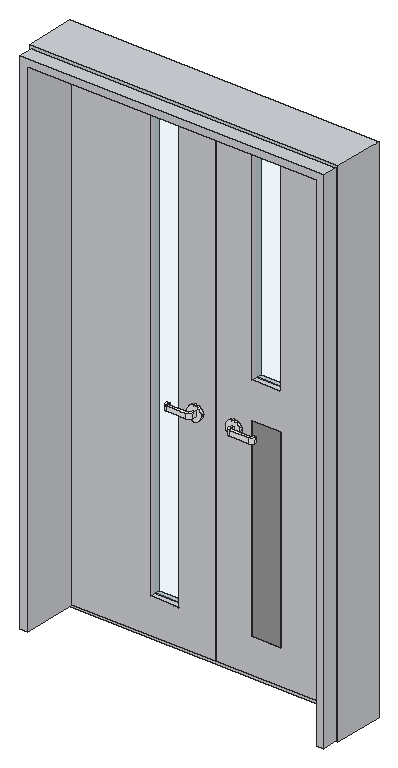
Revit family "Dor_両開き戸", category ドア, Revit 2020
Family settings
  ホスト = 壁
  常に垂直 = はい
  ロード時にボイドで切り取り = はい
  共有 = いいえ
  部屋計算ポイント = いいえ
Parameters (values of type "両開き戸")
  開口逃げ位置表示 [instance] = no
  金物_施錠方式(外) = ""
  金物_施錠方式(内) = ""
  金物_支持金物 = ""
  金物_操作金物 = ""
  金物_戸当り = ""
  金物_固定金物 = ""
  金物_フランス落し = ""
  金物_クローザー = ""
  逃げ_左 = 60 mm
  逃げ_右 = 60 mm
  解析用性能 = "<なし>"
  符号_建具記号 = ""
  符号_建具番号 = ""
  法_随時閉鎖 = yes
  法_防火性能 = ""
  法_遮煙 = yes
  法_常時閉鎖 = yes
  沓摺表示 [instance] = yes
  文字_ガラス厚 = ""
  建枠下延長 [instance] = 0 mm
  沓摺見込_Kc_Kd [instance] = 100 mm
  ラベル_遮煙 = if(法_遮煙, "S", " ")  # "S"
  ラベル_法囲み = if(法_常時閉鎖, "□", if(法_随時閉鎖, "〇", " "))  # "□"
  ドアパネルタイプ2 = DP_スリット窓 : スリット窓
  ドアパネルタイプ1 = DP_スリット窓+ガラリ : スリット窓+ガラリ
  スリット/小窓位置：戸先 [instance] = yes
  ガラス厚 = 6 mm
  オフセット_外側 [instance] = 50 mm
  calc_逃げ位置 [instance] = if(bWallThicknessOffset, calc_壁芯ずれ, 0 mm)  # 0 mm
  calc_沓摺幅 = 幅 + 戸当見付 * 2  # 1230 mm
  沓摺タイプ = Ka_沓摺 : Ka_沓摺
  次による断熱プロパティの定義 = スキーマティック タイプ
  枠見付内_F01 = 30 mm
  calc_枠見込内 [instance] = if(and(枠ちり内 = 0 mm, オフセット_内側 = 0 mm), 1 mm, 0 mm)  # 0 mm
  calc_枠見付内 = if(枠タイプ = 1, 枠見付内_F01, if(枠タイプ = 2, 枠見付 + 戸当見付, if(枠タイプ = 3, 枠見付 + 戸当見付, 枠見付)))  # 30 mm
  文字_額縁材質 = ""
  文字_額縁仕上 = ""
  文字_沓摺材質 = ""
  文字_沓摺仕上 = ""
  文字_枠材質 = ""
  文字_枠仕上 = ""
  文字_建具材質 = ""
  文字_建具仕上 = ""
  文字_取付場所 = ""
  文字_備考 = ""
  文字_パネル厚 = ""
  文字_ガラリ材質 = ""
  文字_ガラリ仕上 = ""
  文字_ガラス材質 = ""
  文字_アンダーカット = ""
  性能_遮音 = ""
  性能_気密 = ""
  形状_沓摺形状 = ""
  形状_枠形状 = ""
  形状_建具形式 = ""
  形状_ガラリ形状 = ""
  仕上げ厚 = 0 mm
  calc_壁芯ずれ [instance] = オフセット_内側 / 2 + オフセット_外側 / 2  # 50 mm
  calc_仕上げ厚 [instance] = if(and(オフセット_内側 = 0 mm, 仕上げ厚 = 0 mm), 11 mm, 仕上げ厚)  # 0 mm
  マテリアル_沓摺 = none
  マテリアル_枠 = none
  マテリアル_パネル = none
  マテリアル_ガラリ = none
  マテリアル_ガラス = ガラス - 透明
  パネル幅2 = パネル幅1 + LOCK  # 615 mm
  パネル幅1 = 幅 / 2 + 戸当見付  # 615 mm
  calc_パネル中心位置 = パネル厚 / 2 + LOCK  # 22.5 mm
  ハンドル表示 [instance] = yes
  Keynote = ""
  オフセット_内側 [instance] = 50 mm
  bWallThicknessOffset = no
  W寸法 = 1200 mm
  LOCK = 0 mm  # constant formula
  H寸法 = 2100 mm
  F02_片ひばた2 = 枠タイプ = 2  # no
  Function = (empty or 0)
  Description = ""
  枠タイプ = 1
  Rough Width = 0 mm
  高さ = H寸法 + LOCK  # 2100 mm
  枠見付 = 25 mm
  枠ちり外 = 10 mm
  枠ちり内 = 10 mm
  ハンドル_高さ = 900 mm
  ハンドル_オフセット = 80 mm
  戸当見込 = 20 mm
  戸当見付 = 15 mm
  Construction Type = ""
  Wall Closure = (empty or 0)
  幅 = W寸法 + LOCK  # 1200 mm
  Rough Height = 0 mm
  パネル高 = 高さ + 戸当見付 - アンダーカット  # 2110 mm
  パネル幅 = (幅 + 戸当見付 * 2) / 2  # 615 mm
  パネル厚 = 45 mm
  アンダーカット = 5 mm
  F01_片ひばた1 = 枠タイプ = 1  # yes
  F03_両ひばた = 枠タイプ = 3  # no
Reference planes
  plane 1: y = 0
  plane 2 "中心(左/右)": x = 0
  plane 3 "EXT.": y = 75
  plane 4 "内壁": y = -75
  plane 5 "左": x = -600
  plane 6 "右": x = 600
  plane 7 "上側": z = 2100
  plane 8: z = 0
  plane 9 "枠ちり外": y = 135
  plane 10 "左扉位置": x = -615
  plane 11 "枠外側左": x = -640
  plane 12 "枠内側左": x = -630
  plane 13 "仕上げ厚": y = -75
  plane 14 "右扉位置": x = 615
  plane 15 "枠外側右": x = 640
  plane 16 "枠内側右": x = 630
  plane 17: z = 2115
  plane 18 "枠見付_上": z = 2140
  plane 19 "枠見付内_上": z = 2130
  plane 20: y = 90
  plane 21: y = 70
  plane 22: x = -630
  plane 23: x = 630
  plane 24: z = 5
  plane 25 "オフセット": y = -125
  plane 26 "枠ちり内": y = -135
  plane 27 "パネル中心": y = 112.5
  plane 28: y = 65
  plane 29: y = -115
  plane 30: z = 2130
  plane 31: y = 65
  plane 32: y = -115
  plane 33 "枠見込み内": y = -75
  plane 34: y = -130
  plane 35: y = 112.5
  plane 36 "壁芯": y = -50
  plane 37: x = 307.5
  plane 38: x = -307.5
  plane 39: x = -80
  plane 40: x = 80
  plane 41: z = 900
  plane 42 "建枠下延長": z = 0
  plane 43: x = -645
  plane 44: x = 645
  plane 45 "オフセット外側": y = 125
  plane 46 "逃げ位置": y = 0
Forms (mm)
  Extrusion 1, void
    sketch origin (0, 0, 0) x (1, 0, 0) y (0, 1, 0)
      loop
        line (-630, -125) -> (630, -125) -> (630, -75) -> (-630, -75) -> (-630, -125)
    from 0 to 2130
  Extrusion 2, void
    sketch origin (0, 0, 0) x (1, 0, 0) y (0, 1, 0)
      loop
        line (-640, 75) -> (-640, -75) -> (640, -75) -> (640, 75) -> (-640, 75)
    from 0 to 2140
  Sweep 3, solid, material <- "マテリアル_枠", visible <- "F01_片ひばた1"
    path origin (0, 75, 0) x (1, 0, 0) y (0, 0, 1)
      loop
        line (600, 0) -> (600, 2100) -> (-600, 2100) -> (-600, 0)
    profile origin (600, 75, 1050) x (-1, 0, 0) y (0, -1, 0)
      loop
        line (-40, -60) -> (-15, -60) -> (-15, -15) -> (0, -15) -> (0, 210) -> (-30, 210) -> (-30, 150) -> (-40, 150) -> (-40, -60)
  Sweep 4, solid, material <- "マテリアル_枠", visible <- "F02_片ひばた2"
    path origin (0, 75, 0) x (1, 0, 0) y (0, 0, 1)
      loop
        line (600, 0) -> (600, 2100) -> (-600, 2100) -> (-600, 0)
    profile origin (600, 75, 1050) x (-1, 0, 0) y (0, -1, 0)
      loop
        line (-40, -60) -> (-15, -60) -> (-15, -15) -> (0, -15) -> (0, 210) -> (-40, 210) -> (-40, -60)
  Sweep 5, solid, material <- "マテリアル_枠", visible <- "F03_両ひばた"
    path origin (0, 75, 0) x (1, 0, 0) y (0, 0, 1)
      loop
        line (600, 0) -> (600, 2100) -> (-600, 2100) -> (-600, 0)
    profile origin (600, 75, 1050) x (-1, 0, 0) y (0, -1, 0)
      loop
        line (-40, -60) -> (-15, -60) -> (-15, -15) -> (0, -15) -> (0, 5) -> (-15, 5) -> (-15, 210) -> (-40, 210) -> (-40, -60)
Lines and regions (mm)
  Masking region 1
    outline origin (0, 0, 0) x (0, 1, 0) y (0, 0, 1)
      loop
        line (135, 2115) -> (90, 2115) -> (90, 5) -> (135, 5) -> (135, 2115)
  Masking region 2, visible <- "F02_片ひばた2"
    outline origin (0, 0, 0) x (0, 1, 0) y (0, 0, 1)
      loop
        line (65, 2130) -> (-115, 2130) -> (-135, 2130) -> (-135, 2100) -> (90, 2100) -> (90, 2115) -> (135, 2115) -> (135, 2130) -> (65, 2130)
  Masking region 3, visible <- "F01_片ひばた1"
    outline origin (0, 0, 0) x (0, 1, 0) y (0, 0, 1)
      loop
        line (65, 2140) -> (-75, 2140) -> (-75, 2130) -> (-115, 2130) -> (-135, 2130) -> (-135, 2100) -> (90, 2100) -> (90, 2115) -> (135, 2115) -> (135, 2140) -> (65, 2140)
  Masking region 4, visible <- "F03_両ひばた"
    outline origin (0, 0, 0) x (0, 1, 0) y (0, 0, 1)
      loop
        line (65, 2130) -> (-115, 2130) -> (-135, 2130) -> (-135, 2115) -> (70, 2115) -> (70, 2100) -> (90, 2100) -> (90, 2115) -> (135, 2115) -> (135, 2130) -> (65, 2130)
  Masking region 5, visible <- "F01_片ひばた1", detail levels medium+fine
    outline origin (0, 0, 0) x (1, 0, 0) y (0, 1, 0)
      loop
        line (-640, -75) -> (-630, -75) -> (-630, -135) -> (-600, -135) -> (-600, 90) -> (-615, 90) -> (-615, 135) -> (-640, 135) -> (-640, -75)
      loop
        line (640, -75) -> (640, 135) -> (615, 135) -> (615, 90) -> (600, 90) -> (600, -135) -> (630, -135) -> (630, -75) -> (640, -75)
  Masking region 6, visible <- "F02_片ひばた2", detail levels medium+fine
    outline origin (0, 0, 0) x (1, 0, 0) y (0, 1, 0)
      loop
        line (-640, -135) -> (-600, -135) -> (-600, 90) -> (-615, 90) -> (-615, 135) -> (-640, 135) -> (-640, -135)
      loop
        line (640, -135) -> (640, 135) -> (615, 135) -> (615, 90) -> (600, 90) -> (600, -135) -> (640, -135)
  Masking region 7, detail levels coarse
    outline origin (0, 0, 0) x (1, 0, 0) y (0, 1, 0)
      loop
        line (-600, -130) -> (600, -130) -> (600, -125) -> (600, 125) -> (600, 130) -> (-600, 130) -> (-600, 125) -> (-600, -125) -> (-600, -130)
  Masking region 8, detail levels coarse
    outline origin (0, 0, 0) x (1, 0, 0) y (0, 1, 0)
      loop
        line (-645, 125) -> (-645, -125) -> (-600, -125) -> (-600, 125) -> (-645, 125)
      loop
        line (645, 125) -> (600, 125) -> (600, -125) -> (645, -125) -> (645, 125)
  Masking region 9, visible <- "F03_両ひばた", detail levels medium+fine
    outline origin (0, 0, 0) x (1, 0, 0) y (0, 1, 0)
      loop
        line (-640, -135) -> (-615, -135) -> (-615, 70) -> (-600, 70) -> (-600, 90) -> (-615, 90) -> (-615, 135) -> (-640, 135) -> (-640, -135)
      loop
        line (640, -135) -> (640, 135) -> (615, 135) -> (615, 90) -> (600, 90) -> (600, 70) -> (615, 70) -> (615, -135) -> (640, -135)
  symbolic lines
    curve 1: line (0, 185, 0) -> (0, -185, 0)
Text (mm)
  text "EXT." at (-2295.016, 1099.543, 0), in view "基準レベル"
  text "外部" at (0, 1615.38, 3698.081), in view "左"
  text "外部" at (0, 1036.032, 3874.932), in view "右"
  text "内部" at (0, -1175.082, 3874.932), in view "右"
  text "内部" at (-2295.016, -1087.353, 0), in view "基準レベル"
Dimensions and locks
  equal spacing: plane 5 "左", plane 2 "中心(左/右)", plane 6 "右"
  locked: plane 3 "EXT." to host wall
  locked: plane 4 "内壁" to host wall
  "幅": plane 5 "左" to plane 6 "右"
  "高さ": plane 8 to plane 7 "上側"
  "戸当見付": plane 10 "左扉位置" to plane 5 "左"
  "calc_枠見付内": plane 12 "枠内側左" to plane 5 "左"
  "枠見付": plane 11 "枠外側左" to plane 10 "左扉位置"
  "calc_仕上げ厚": plane 13 "仕上げ厚" to plane 4 "内壁"
  "枠見付": plane 15 "枠外側右" to plane 14 "右扉位置"
  "戸当見付": plane 7 "上側" to plane 17
  "枠見付": plane 17 to plane 18 "枠見付_上"
  "calc_枠見付内": plane 7 "上側" to plane 19 "枠見付内_上"
  "パネル厚": plane 9 "枠ちり外" to plane 20
  "戸当見込": plane 20 to plane 21
  "戸当見付": plane 6 "右" to plane 14 "右扉位置"
  "calc_枠見付内": plane 6 "右" to plane 16 "枠内側右"
  "枠見付内_F01": plane 22 to plane 5 "左"
  "枠見付内_F01": plane 6 "右" to plane 23
  "枠ちり内": plane 25 "オフセット" to plane 26 "枠ちり内"
  "オフセット_内側": plane 25 "オフセット" to plane 4 "内壁"
  "アンダーカット": plane 24 to plane 8
  locked: plane 3 "EXT." to Masking region 2 sketch curve at 10
  locked: Masking region 2 sketch curve to plane 25 "オフセット" at 10
  equal spacing: plane 9 "枠ちり外", plane 27 "パネル中心", plane 20
  locked: plane 3 "EXT." to plane 28 at 10
  locked: plane 29 to plane 25 "オフセット" at 10
  "枠見付内_F01": plane 7 "上側" to plane 30
  locked: curve 1 to plane 9 "枠ちり外" at 50
  locked: plane 26 "枠ちり内" to curve 1 at 50
  plane 4 "内壁" to plane 3 "EXT." = 150 mm
  locked: plane 31 to plane 3 "EXT." at 10
  locked: plane 32 to plane 25 "オフセット" at 10
  locked: plane 25 "オフセット" to plane 34 at 5
  "calc_壁芯ずれ": plane 36 "壁芯" to plane 1
  equal spacing: plane 2 "中心(左/右)", plane 37, plane 14 "右扉位置"
  equal spacing: plane 10 "左扉位置", plane 38, plane 2 "中心(左/右)"
  "ハンドル_高さ": plane 41 to plane 8
  "ハンドル_オフセット": plane 40 to plane 2 "中心(左/右)"
  "ハンドル_オフセット": plane 2 "中心(左/右)" to plane 39
  "建枠下延長": plane 42 "建枠下延長" to plane 8
  "calc_枠見込内": plane 4 "内壁" to plane 33 "枠見込み内"
  locked: plane 15 "枠外側右" to plane 44 at 5
  locked: plane 43 to plane 11 "枠外側左" at 5
  "枠ちり外": plane 9 "枠ちり外" to plane 45 "オフセット外側"
  "オフセット_外側": plane 3 "EXT." to plane 45 "オフセット外側"
  "calc_パネル中心位置": plane 9 "枠ちり外" to plane 35
  locked: Masking region 7 sketch curve to plane 45 "オフセット外側" at 5
  "calc_逃げ位置": plane 46 "逃げ位置" to host wall
  aligned and locked: plane 1 to host wall
  aligned and locked: level to plane 8
  aligned and locked: Extrusion 1 sketch curve to plane 12 "枠内側左"
  aligned and locked: plane 13 "仕上げ厚" to Extrusion 1 sketch curve
  aligned and locked: Extrusion 1 sketch curve to plane 16 "枠内側右"
  aligned and locked: Extrusion 2 sketch curve to host wall
  aligned and locked: plane 11 "枠外側左" to Extrusion 2 sketch curve
  aligned and locked: plane 13 "仕上げ厚" to Extrusion 2 sketch curve
  aligned and locked: plane 15 "枠外側右" to Extrusion 2 sketch curve
  aligned and locked: plane 18 "枠見付_上" to Extrusion 2
  aligned and locked: plane 7 "上側" to Sweep 3 sketch curve
  aligned and locked: plane 6 "右" to Sweep 3 sketch curve  (x2)
  aligned and locked: Sweep 3 sketch curve to plane 5 "左"
  aligned and locked: Sweep 3 sketch curve to plane 13 "仕上げ厚"
  aligned and locked: plane 9 "枠ちり外" to Sweep 3 sketch curve
  aligned and locked: plane 20 to Sweep 3 sketch curve
  aligned and locked: plane 14 "右扉位置" to Sweep 3 sketch curve
  aligned and locked: Sweep 3 sketch curve to plane 15 "枠外側右"
  aligned and locked: plane 15 "枠外側右" to Sweep 4 sketch curve
  aligned and locked: plane 14 "右扉位置" to Sweep 5 sketch curve  (x2)
  aligned and locked: Sweep 5 sketch curve to plane 21
  aligned and locked: plane 23 to Sweep 3 sketch curve
  aligned and locked: Sweep 3 sketch curve to plane 26 "枠ちり内"
  aligned and locked: Sweep 4 sketch curve to plane 26 "枠ちり内"
  aligned and locked: plane 20 to Sweep 4 sketch curve
  aligned and locked: Sweep 5 sketch curve to plane 26 "枠ちり内"
  aligned and locked: Extrusion 1 to plane 25 "オフセット"
  aligned and locked: plane 19 "枠見付内_上" to Extrusion 1
  aligned and locked: Sweep 4 to Masking region 1 sketch curve
  aligned and locked: plane 9 "枠ちり外" to Masking region 2 sketch curve
  aligned and locked: plane 19 "枠見付内_上" to Masking region 2 sketch curve  (x3)
  aligned and locked: Masking region 2 sketch curve to plane 26 "枠ちり内"
  aligned and locked: plane 7 "上側" to Masking region 2 sketch curve
  aligned and locked: plane 20 to Masking region 2 sketch curve
  aligned and locked: Masking region 2 sketch curve to plane 17
  aligned and locked: plane 2 "中心(左/右)" to nested 1
  aligned and locked: nested 1 to plane 27 "パネル中心"
  aligned and locked: plane 20 to Masking region 3 sketch curve
  aligned and locked: Masking region 3 sketch curve to plane 26 "枠ちり内"
  aligned and locked: plane 7 "上側" to Masking region 3 sketch curve
  aligned and locked: Masking region 3 sketch curve to plane 17
  aligned and locked: plane 18 "枠見付_上" to Masking region 3 sketch curve  (x2)
  aligned and locked: Masking region 3 sketch curve to plane 30  (x2)
  aligned and locked: plane 30 to Masking region 3 sketch curve
  aligned and locked: plane 19 "枠見付内_上" to Masking region 4 sketch curve  (x3)
  aligned and locked: Masking region 4 sketch curve to plane 26 "枠ちり内"
  aligned and locked: plane 9 "枠ちり外" to Masking region 4 sketch curve
  aligned and locked: Masking region 4 sketch curve to plane 17  (x2)
  aligned and locked: plane 7 "上側" to Masking region 4 sketch curve
  aligned and locked: plane 20 to Masking region 4 sketch curve
  aligned and locked: Masking region 4 sketch curve to plane 21
  aligned and locked: Masking region 5 sketch curve to plane 9 "枠ちり外"
  aligned and locked: Masking region 5 sketch curve to plane 20
  aligned and locked: plane 26 "枠ちり内" to Masking region 5 sketch curve
  aligned and locked: plane 11 "枠外側左" to Masking region 5 sketch curve
  aligned and locked: plane 5 "左" to Masking region 5 sketch curve
  aligned and locked: plane 6 "右" to Masking region 5 sketch curve
  aligned and locked: Masking region 5 sketch curve to plane 15 "枠外側右"
  aligned and locked: plane 14 "右扉位置" to Masking region 5 sketch curve
  aligned and locked: Masking region 5 sketch curve to plane 13 "仕上げ厚"
  aligned and locked: Masking region 5 sketch curve to plane 22
  aligned and locked: plane 22 to Masking region 5 sketch curve
  aligned and locked: plane 23 to Masking region 5 sketch curve  (x2)
  aligned and locked: plane 5 "左" to Masking region 7 sketch curve
  aligned and locked: Masking region 7 sketch curve to plane 6 "右"
  aligned and locked: Masking region 7 to Masking region 8 sketch curve
  aligned and locked: plane 6 "右" to Masking region 8 sketch curve
  aligned and locked: plane 25 "オフセット" to Masking region 8 sketch curve
  aligned and locked: Masking region 8 sketch curve to plane 25 "オフセット"
  aligned and locked: plane 25 "オフセット" to Masking region 7 sketch curve  (x2)
  aligned and locked: Masking region 7 sketch curve to plane 34
  aligned and locked: plane 14 "右扉位置" to Masking region 9 sketch curve
  aligned and locked: plane 21 to Masking region 9 sketch curve  (x2)
  aligned and locked: Masking region 9 sketch curve to plane 21  (x2)
  aligned and locked: nested 2 to plane 9 "枠ちり外"
  aligned and locked: nested 2 to plane 14 "右扉位置"
  aligned and locked: plane 20 to Sweep 5 sketch curve
  aligned and locked: plane 9 "枠ちり外" to Sweep 5 sketch curve
  aligned and locked: plane 9 "枠ちり外" to Sweep 4 sketch curve
  aligned and locked: plane 38 to nested 4
  aligned and locked: nested 5 to plane 27 "パネル中心"
  aligned and locked: nested 4 to plane 27 "パネル中心"
  aligned and locked: nested 5 to plane 8
  aligned and locked: plane 8 to nested 4
  aligned and locked: nested 7 to plane 39
  aligned and locked: nested 6 to plane 27 "パネル中心"
  aligned and locked: plane 27 "パネル中心" to nested 7
  aligned and locked: nested 7 to plane 41
  aligned and locked: plane 41 to nested 6
  aligned and locked: plane 37 to nested 8
  aligned and locked: nested 8 to plane 8
  aligned and locked: plane 38 to nested 9
  aligned and locked: plane 8 to nested 9
  aligned and locked: plane 37 to nested 5
  aligned and locked: plane 42 "建枠下延長" to Sweep 5 sketch curve  (x2)
  aligned and locked: plane 42 "建枠下延長" to Sweep 4 sketch curve  (x2)
  aligned and locked: plane 42 "建枠下延長" to Sweep 3 sketch curve  (x2)
  aligned and locked: plane 13 "仕上げ厚" to Masking region 5 sketch curve  (x3)
  aligned and locked: plane 26 "枠ちり内" to Masking region 9 sketch curve  (x2)
  aligned and locked: Masking region 8 sketch curve to plane 43
  aligned and locked: Masking region 8 sketch curve to plane 44
  aligned and locked: plane 26 "枠ちり内" to Masking region 6 sketch curve  (x2)
  aligned and locked: plane 11 "枠外側左" to Masking region 6 sketch curve
  aligned and locked: plane 15 "枠外側右" to Masking region 6 sketch curve
  aligned and locked: plane 45 "オフセット外側" to Masking region 7 sketch curve  (x2)
  aligned and locked: plane 45 "オフセット外側" to Masking region 8 sketch curve
  aligned and locked: Masking region 8 sketch curve to plane 45 "オフセット外側"
  aligned and locked: nested 3 to plane 46 "逃げ位置"
Automatic sketch dimensions
  plane 5 "左" to Sweep 4 sketch curve = 0 mm
  plane 6 "右" to Sweep 4 sketch curve = 0 mm
  Sweep 4 sketch curve to plane 7 "上側" = 0 mm
  Sweep 4 sketch curve to profile plane = 0 mm
  profile plane to Sweep 4 sketch curve = 15 mm
  plane 5 "左" to Sweep 5 sketch curve = 0 mm
  plane 6 "右" to Sweep 5 sketch curve = 0 mm
  Sweep 5 sketch curve to plane 7 "上側" = 0 mm
  Sweep 5 sketch curve to profile plane = 0 mm
  profile plane to Sweep 5 sketch curve = 15 mm
  Sweep 5 sketch curve to Sweep 5 sketch curve = 25 mm
  Masking region 3 sketch curve to plane 29 = 0 mm
  Masking region 3 sketch curve to plane 13 "仕上げ厚" = 0 mm
  Masking region 3 sketch curve to plane 28 = 0 mm
  Masking region 3 sketch curve to plane 9 "枠ちり外" = 0 mm
  Masking region 4 sketch curve to plane 29 = 0 mm
  Masking region 4 sketch curve to plane 28 = 0 mm
  Masking region 5 sketch curve to plane 26 "枠ちり内" = 0 mm
  Masking region 5 sketch curve to plane 20 = 0 mm
  Masking region 5 sketch curve to plane 9 "枠ちり外" = 0 mm
  Masking region 6 sketch curve to plane 10 "左扉位置" = 0 mm
  Masking region 6 sketch curve to plane 5 "左" = 0 mm
  Masking region 6 sketch curve to plane 6 "右" = 0 mm
  Masking region 6 sketch curve to plane 14 "右扉位置" = 0 mm
  Masking region 6 sketch curve to plane 9 "枠ちり外" = 0 mm  (x2)
  Masking region 6 sketch curve to plane 20 = 0 mm  (x2)
  Masking region 9 sketch curve to plane 9 "枠ちり外" = 0 mm  (x2)
  Masking region 9 sketch curve to plane 10 "左扉位置" = 0 mm  (x2)
  Masking region 9 sketch curve to plane 5 "左" = 0 mm
  Masking region 9 sketch curve to plane 6 "右" = 0 mm
  Masking region 9 sketch curve to plane 14 "右扉位置" = 0 mm
  Masking region 9 sketch curve to plane 20 = 0 mm  (x2)
  curve 1 to plane 2 "中心(左/右)" = 0 mm
  host wall to Extrusion 1 sketch curve = 50 mm
  Masking region 1 sketch curve to plane 17 = 0 mm
  Masking region 1 sketch curve to plane 20 = 0 mm
  Masking region 1 sketch curve to plane 24 = 0 mm
  Masking region 5 sketch curve to plane 10 "左扉位置" = 0 mm
  Masking region 9 sketch curve to plane 11 "枠外側左" = 0 mm
  Masking region 9 sketch curve to plane 15 "枠外側右" = 0 mm
Nested families
  nested 1: "Ka_沓摺" at (0, 112.5, 0), 沓摺材質 <- "マテリアル_沓摺", アンダーカット <- "アンダーカット", パネル厚 <- "パネル厚", パネル幅 <- "calc_沓摺幅", type <- "沓摺タイプ", visible <- "沓摺表示", 沓摺見込 <- "沓摺見込_Kc_Kd", type "Ka_沓摺"
    with 沓摺見込 100 mm, 沓摺材質 none, パネル幅 1230 mm, パネル厚 45 mm, アンダーカット 5 mm
  nested 2: "平面_両開き戸" at (0, 135, 0), type "平面_両開き戸"
    with 開口幅 1200 mm, パネル幅2_簡易 600 mm, パネル幅2 615 mm, パネル幅1_簡易 600 mm, パネル幅1 615 mm, パネル厚 45 mm
  nested 3: "平面_逃げ位置" at (0, 0, 0), visible <- "開口逃げ位置表示", 幅 <- "幅", 逃げ_右 <- "逃げ_右", 逃げ_左 <- "逃げ_左", type "平面_逃げ位置"
    with 逃げ_左 60 mm, 逃げ_右 60 mm, 幅 1200 mm
  nested 4: "DP_スリット窓" at (-307.5, 112.5, 0), マテリアル_パネル <- "マテリアル_パネル", 幅 <- "パネル幅1", 高さ <- "パネル高", Thickness <- "パネル厚", アンダーカット <- "アンダーカット", マテリアル_ガラス <- "マテリアル_ガラス", マテリアル_ガラリ <- "マテリアル_ガラリ", スリット/小窓位置：戸先 <- "スリット/小窓位置：戸先", type <- "ドアパネルタイプ2", ガラス厚 <- "ガラス厚", type "スリット窓"
    with 高さ 2110 mm, 幅 615 mm, built-in parameter 1001302 45 mm, マテリアル_パネル none, マテリアル_ガラリ none, マテリアル_ガラス ガラス - 透明, スリット/小窓位置：戸先 yes, スリット/小窓位置：中央 no, ガラス厚 6 mm, アンダーカット 5 mm, calc_窓位置_戸尻 345 mm, calc_窓位置_戸先 150 mm, calc_窓H 1845 mm
  nested 5: "DP_スリット窓+ガラリ" at (307.5, 112.5, 0) x (-1, 0, 0) z (0, 0, 1), マテリアル_パネル <- "マテリアル_パネル", 幅 <- "パネル幅1", 高さ <- "パネル高", Thickness <- "パネル厚", type <- "ドアパネルタイプ1", マテリアル_ガラス <- "マテリアル_ガラス", アンダーカット <- "アンダーカット", マテリアル_ガラリ <- "マテリアル_ガラリ", スリット/小窓位置：戸先 <- "スリット/小窓位置：戸先", ガラス厚 <- "ガラス厚", type "スリット窓+ガラリ"
    with 高さ 2110 mm, 幅 615 mm, built-in parameter 1001302 45 mm, マテリアル_パネル none, マテリアル_ガラリ none, マテリアル_ガラス ガラス - 透明, スリット/小窓位置：戸先 yes, スリット/小窓位置：中央 no, ガラス厚 6 mm, アンダーカット 5 mm, calc_窓位置_戸尻 345 mm, calc_窓位置_戸先 150 mm, calc_窓H 895 mm
  nested 6: "Ha_ハンドル" at (80, 112.5, 900), visible <- "ハンドル表示", type "Ha_ハンドル"
    with パネル厚 45 mm
  nested 7: "Ha_ハンドル" at (-80, 112.5, 900) x (-1, 0, 0) z (0, 0, 1), visible <- "ハンドル表示", type "Ha_ハンドル"
    with パネル厚 45 mm
  nested 8: "立面_スイング_開き戸" at (307.5, -75, 0) x (1, 0, 0) z (0, -1, 0), パネル幅 <- "パネル幅1", パネル高 <- "パネル高", アンダーカット <- "アンダーカット", type "立面_スイング_開き戸"
    with パネル高 2110 mm, パネル幅 615 mm, アンダーカット 5 mm
  nested 9: "立面_スイング_開き戸" at (-307.5, -75, 0) x (-1, 0, 0) z (0, -1, 0), パネル幅 <- "パネル幅1", パネル高 <- "パネル高", アンダーカット <- "アンダーカット", type "立面_スイング_開き戸"
    with パネル高 2110 mm, パネル幅 615 mm, アンダーカット 5 mm
Definition of nested family "Ka_沓摺"
  Parameters (values of type "Ka_沓摺")
    沓摺材質 [instance] = none
    Default Elevation = 0 mm
    沓摺見込 [instance] = 150 mm
    パネル幅 [instance] = 830 mm
    パネル厚 [instance] = 45 mm
    アンダーカット [instance] = 5 mm
    FB厚 = 6 mm
  Reference planes
    plane 1 "中心(正面/背面)": y = 0
    plane 2: z = 0
    plane 3 "中心(左/右)": x = 0
    plane 4 "パネル内側": y = -22.5
    plane 5: x = -415
    plane 6: x = 415
    plane 7: z = 5
    plane 8: z = 3
    plane 9 "パネル外側": y = 22.5
    plane 10: z = -20
    plane 11: y = 3
    plane 12: y = -3
  Forms (mm)
    Extrusion 1, solid, material <- "沓摺材質"
      sketch origin (0, 0, 0) x (0, 1, 0) y (0, 0, 1)
        loop
          line (3, -20) -> (3, 3) -> (-3, 3) -> (-3, -20) -> (3, -20)
      from -415 to 415
  Lines and regions (mm)
    Masking region 1
      outline origin (0, 0, 0) x (0, 1, 0) y (0, 0, 1)
        loop
          line (3, -20) -> (3, 3) -> (-3, 3) -> (-3, -20) -> (3, -20)
  Dimensions and locks
    "パネル幅": plane 5 to plane 6
    equal spacing: plane 5, plane 3 "中心(左/右)", plane 6
    "アンダーカット": plane 7 to plane 2
    locked: plane 7 to plane 8 at 2
    equal spacing: plane 9 "パネル外側", plane 1 "中心(正面/背面)", plane 4 "パネル内側"
    "パネル厚": plane 9 "パネル外側" to plane 4 "パネル内側"
    locked: plane 7 to plane 10 at 25
    plane 11 to plane 12 = 6 mm
    equal spacing: plane 11, plane 1 "中心(正面/背面)", plane 12
    "FB厚": plane 12 to plane 11
    aligned and locked: level to plane 2
    aligned and locked: plane 10 to Extrusion 1 sketch curve
    aligned and locked: Extrusion 1 sketch curve to plane 8
    aligned and locked: plane 6 to Extrusion 1
    aligned and locked: Extrusion 1 to plane 5
    aligned and locked: plane 11 to Masking region 1 sketch curve
    aligned and locked: Masking region 1 sketch curve to plane 12
    aligned and locked: Extrusion 1 sketch curve to plane 11
    aligned and locked: plane 12 to Extrusion 1 sketch curve
  Automatic sketch dimensions
    Masking region 1 sketch curve to plane 8 = 0 mm
    Masking region 1 sketch curve to plane 10 = 0 mm
Definition of nested family "DP_スリット窓"
  Parameters (values of type "スリット窓")
    Height [instance] = 1995 mm
    Analytic Construction = "<なし>"
    窓位置_下 = 150 mm
    窓位置_上 = 120 mm
    Define Thermal Properties by = 1
    マテリアル_パネル [instance] = none
    マテリアル_ガラリ [instance] = none
    マテリアル_ガラス [instance] = none
    スリット/小窓位置：戸先 [instance] = yes
    スリット/小窓位置：中央 [instance] = not([スリット/小窓位置：戸先])  # no
    アンダーカット [instance] = 5 mm
    calc_窓位置_戸先 [instance] = if([スリット/小窓位置：戸先], 窓位置_戸先寄り, (Width - 窓W) / 2)  # 150 mm
    Width [instance] = 800 mm
    窓位置_戸先寄り = 150 mm
    calc_窓位置_戸尻 [instance] = if([スリット/小窓位置：戸先], Width - 窓W - 窓位置_戸先寄り, calc_窓位置_戸先)  # 530 mm
    Thickness [instance] = 40 mm
    calc_窓H [instance] = (Height + アンダーカット) - 窓位置_下 - 窓位置_上  # 1730 mm
    窓W = 120 mm
    ガラス厚 [instance] = 6 mm
  Reference planes
    plane 1 "中心(正面/背面)": y = 0
    plane 2 "下": z = 0
    plane 3 "中心(左/右)": x = 0
    plane 4 "右": x = 400
    plane 5 "左": x = -400
    plane 6 "前面": y = 20
    plane 7 "背面": y = -20
    plane 8 "上": z = 2000
    plane 9 "戸先": x = 250
    plane 10 "框下": z = 150
    plane 11 "框上": z = 1880
    plane 12 "ガラス幅": x = 130
    plane 13 "窓中央": x = 190
    plane 14: z = 5
  Forms (mm)
    Extrusion 1, solid, material <- "マテリアル_パネル"
      sketch origin (0, 0, 0) x (1, 0, 0) y (0, 0, 1)
        loop
          line (-400, 2000) -> (-400, 5) -> (400, 5) -> (400, 2000) -> (-400, 2000)
        loop
          line (130, 1880) -> (130, 150) -> (250, 150) -> (250, 1880) -> (130, 1880)
      from -20 to 20
  Dimensions and locks
    equal spacing: plane 5 "左", plane 3 "中心(左/右)", plane 4 "右"
    "Width": plane 5 "左" to plane 4 "右"
    equal spacing: plane 6 "前面", plane 1 "中心(正面/背面)", plane 7 "背面"
    "Thickness": plane 6 "前面" to plane 7 "背面"
    "calc_窓位置_戸先": plane 4 "右" to plane 9 "戸先"
    "窓位置_上": plane 8 "上" to plane 11 "框上"
    "窓位置_下": plane 10 "框下" to level
    "窓W": plane 9 "戸先" to plane 12 "ガラス幅"
    equal spacing: plane 12 "ガラス幅", plane 13 "窓中央", plane 9 "戸先"
    "アンダーカット": plane 14 to plane 2 "下"
    "Height": plane 8 "上" to plane 14
    aligned and locked: level to plane 2 "下"
    aligned and locked: Extrusion 1 sketch curve to plane 8 "上"
    aligned and locked: plane 5 "左" to Extrusion 1 sketch curve
    aligned and locked: Extrusion 1 sketch curve to plane 4 "右"
    aligned and locked: plane 6 "前面" to Extrusion 1
    aligned and locked: Extrusion 1 to plane 7 "背面"
    aligned and locked: plane 11 "框上" to Extrusion 1 sketch curve
    aligned and locked: plane 12 "ガラス幅" to Extrusion 1 sketch curve
    aligned and locked: Extrusion 1 sketch curve to plane 10 "框下"
    aligned and locked: Extrusion 1 sketch curve to plane 9 "戸先"
    aligned and locked: nested 1 to plane 1 "中心(正面/背面)"
    aligned and locked: plane 13 "窓中央" to nested 1
    aligned and locked: plane 14 to Extrusion 1 sketch curve
  Nested families
    nested 1: "DPw_ガラス" at (190, 15, 150), Width <- "窓W", Height <- "calc_窓H", built-in parameter 1001364 <- "窓位置_下", Thickness <- "ガラス厚", マテリアル_ガラス <- "マテリアル_ガラス", type "ガラス"
      with Height 1730 mm, Width 120 mm, Thickness 6 mm, マテリアル_ガラス none
  Definition of nested family "DPw_ガラス"
    Parameters (values of type "DPw_ガラス")
      Define Thermal Properties by = 1
      Visual Light Transmittance = 0.9
      Solar Heat Gain Coefficient = 0.78
      Height [instance] = 1000 mm
      Heat Transfer Coefficient (U) = 3.6886 W/(m²·K)
      Width [instance] = 800 mm
      Analytic Construction = "1/8 インチ ピルキントン一重ガラス"
      Thickness [instance] = 6 mm
      マテリアル_ガラス [instance] = none
    Reference planes
      plane 1 "中心(正面/背面)": y = -15
      plane 2 "下": z = 0
      plane 3 "中心(左/右)": x = 0
      plane 4 "左": x = -400
      plane 5 "右": x = 400
      plane 6 "上": z = 1000
      plane 7: y = -12
      plane 8: y = -18
      plane 9: z = 500
    Forms (mm)
      Extrusion 1, solid, material <- "マテリアル_ガラス"
        sketch origin (0, -15, 0) x (1, 0, 0) y (0, 0, 1)
          loop
            line (-400, 0) -> (400, 0) -> (400, 1000) -> (-400, 1000) -> (-400, 0)
        from -3 to 3
    Lines and regions (mm)
      symbolic lines, detail levels medium+fine
        curve 1: line (400, -15, 0) -> (-400, -15, 0)
      symbolic lines, detail levels fine
        curve 2: line (0, -15, 1000) -> (0, -15, 0)
    Dimensions and locks
      equal spacing: plane 4 "左", plane 3 "中心(左/右)", plane 5 "右"
      "Width": plane 4 "左" to plane 5 "右"
      "Height": plane 6 "上" to plane 2 "下"
      equal spacing: plane 6 "上", plane 9, plane 2 "下"
      "Thickness": plane 8 to plane 7
      equal spacing: plane 8, plane 1 "中心(正面/背面)", plane 7
      plane 2 "下" to level = 0 mm
      aligned and locked: plane 5 "右" to Extrusion 1
      aligned and locked: Extrusion 1 to plane 4 "左"
      aligned and locked: Extrusion 1 to plane 7
      aligned and locked: plane 8 to Extrusion 1
      aligned and locked: curve 1 to plane 1 "中心(正面/背面)"
      aligned and locked: plane 4 "左" to curve 1
      aligned and locked: Extrusion 1 to curve 1
      aligned and locked: plane 6 "上" to Extrusion 1
      aligned and locked: plane 2 "下" to curve 2
      aligned and locked: plane 6 "上" to curve 2
      aligned and locked: Extrusion 1 to plane 2 "下"
    Automatic sketch dimensions
      Extrusion 1 sketch curve to plane 4 "左" = 0 mm
      Extrusion 1 sketch curve to plane 5 "右" = 0 mm
      level to Extrusion 1 sketch curve = 0 mm
      Extrusion 1 sketch curve to plane 6 "上" = 0 mm
      curve 2 to plane 1 "中心(正面/背面)" = 0 mm
Definition of nested family "DP_スリット窓+ガラリ"
  Parameters (values of type "スリット窓+ガラリ")
    Height [instance] = 1995 mm
    Analytic Construction = "<なし>"
    Define Thermal Properties by = 1
    マテリアル_パネル [instance] = none
    マテリアル_ガラリ [instance] = none
    マテリアル_ガラス [instance] = none
    スリット/小窓位置：戸先 [instance] = yes
    スリット/小窓位置：中央 [instance] = not([スリット/小窓位置：戸先])  # no
    アンダーカット [instance] = 5 mm
    calc_窓H [instance] = (Height + アンダーカット) - 窓腰高 - 窓位置_上  # 780 mm
    ガラリH = 800 mm
    ガラリ位置_下 = 150 mm
    窓位置_上 = 120 mm
    calc_窓位置_戸先 [instance] = if([スリット/小窓位置：戸先], 窓位置_戸先寄り, if([スリット/小窓位置：中央], (Width - 窓W) / 2, Width - 窓W - 窓位置_戸先寄り))  # 150 mm
    Width [instance] = 800 mm
    窓位置_戸先寄り = 150 mm
    calc_窓位置_戸尻 [instance] = if([スリット/小窓位置：戸先], Width - 窓W - 窓位置_戸先寄り, if([スリット/小窓位置：中央], calc_窓位置_戸先, 窓位置_戸先寄り))  # 530 mm
    Thickness [instance] = 40 mm
    窓腰高 = 1100 mm
    窓W = 120 mm
    ガラス厚 [instance] = 6 mm
  Reference planes
    plane 1 "中心(正面/背面)": y = 0
    plane 2 "下": z = 0
    plane 3 "中心(左/右)": x = 0
    plane 4 "右": x = 400
    plane 5 "左": x = -400
    plane 6 "前面": y = 20
    plane 7 "背面": y = -20
    plane 8 "上": z = 2000
    plane 9 "戸先": x = 250
    plane 10 "框下": z = 150
    plane 11 "框上": z = 1880
    plane 12 "ガラス幅": x = 130
    plane 13 "ガラス腰": z = 1100
    plane 14 "ガラリ上": z = 950
    plane 15: x = 190
    plane 16: z = 5
  Forms (mm)
    Extrusion 1, solid, material <- "マテリアル_パネル"
      sketch origin (0, 0, 0) x (1, 0, 0) y (0, 0, 1)
        loop
          line (-400, 2000) -> (-400, 5) -> (400, 5) -> (400, 2000) -> (-400, 2000)
      from -20 to 20
    Extrusion 2, solid, material <- "マテリアル_ガラリ"
      sketch origin (0, 0, -820) x (1, 0, 0) y (0, 0, 1)
        loop
          line (130, 1770) -> (130, 970) -> (250, 970) -> (250, 1770) -> (130, 1770)
      from -20 to 20
    Extrusion 3, void
      sketch origin (-240, 0, 0) x (1, 0, 0) y (0, 0, 1)
        loop
          line (370, 1880) -> (370, 1100) -> (490, 1100) -> (490, 1880) -> (370, 1880)
      from -20 to 20
    Extrusion 4, void
      sketch origin (-240, 0, -840) x (1, 0, 0) y (0, 0, 1)
        loop
          line (370, 1790) -> (370, 990) -> (490, 990) -> (490, 1790) -> (370, 1790)
      from -20 to 20
  Cuts and joins
    Extrusion 3, Extrusion 4 cuts Extrusion 1
  Dimensions and locks
    equal spacing: plane 5 "左", plane 3 "中心(左/右)", plane 4 "右"
    "Width": plane 5 "左" to plane 4 "右"
    equal spacing: plane 6 "前面", plane 1 "中心(正面/背面)", plane 7 "背面"
    "Thickness": plane 6 "前面" to plane 7 "背面"
    "calc_窓位置_戸先": plane 4 "右" to plane 9 "戸先"
    "窓位置_上": plane 8 "上" to plane 11 "框上"
    "ガラリ位置_下": plane 10 "框下" to level
    "窓W": plane 9 "戸先" to plane 12 "ガラス幅"
    "窓腰高": plane 13 "ガラス腰" to level
    equal spacing: plane 12 "ガラス幅", plane 15, plane 9 "戸先"
    "アンダーカット": plane 16 to plane 2 "下"
    "ガラリH": plane 14 "ガラリ上" to plane 10 "框下"
    "Height": plane 8 "上" to plane 16
    aligned and locked: level to plane 2 "下"
    aligned and locked: Extrusion 1 sketch curve to plane 8 "上"
    aligned and locked: plane 5 "左" to Extrusion 1 sketch curve
    aligned and locked: Extrusion 1 sketch curve to plane 4 "右"
    aligned and locked: plane 6 "前面" to Extrusion 1
    aligned and locked: Extrusion 1 to plane 7 "背面"
    aligned and locked: Extrusion 2 sketch curve to plane 14 "ガラリ上"
    aligned and locked: Extrusion 2 to plane 7 "背面"
    aligned and locked: plane 6 "前面" to Extrusion 2
    aligned and locked: Extrusion 2 sketch curve to plane 9 "戸先"
    aligned and locked: plane 12 "ガラス幅" to Extrusion 2 sketch curve
    aligned and locked: plane 9 "戸先" to Extrusion 3
    aligned and locked: Extrusion 3 to plane 12 "ガラス幅"
    aligned and locked: Extrusion 3 to plane 11 "框上"
    aligned and locked: plane 13 "ガラス腰" to Extrusion 3
    aligned and locked: plane 6 "前面" to Extrusion 3
    aligned and locked: Extrusion 3 to plane 7 "背面"
    aligned and locked: plane 14 "ガラリ上" to cut or joined group of Extrusion 1, Extrusion 3, Extrusion 4
    aligned and locked: plane 10 "框下" to cut or joined group of Extrusion 1, Extrusion 3, Extrusion 4
    aligned and locked: plane 9 "戸先" to cut or joined group of Extrusion 1, Extrusion 3, Extrusion 4
    aligned and locked: cut or joined group of Extrusion 1, Extrusion 3, Extrusion 4 to plane 12 "ガラス幅"
    aligned and locked: plane 6 "前面" to cut or joined group of Extrusion 1, Extrusion 3, Extrusion 4
    aligned and locked: cut or joined group of Extrusion 1, Extrusion 3, Extrusion 4 to plane 7 "背面"
    aligned and locked: plane 15 to nested 1
    aligned and locked: nested 1 to plane 1 "中心(正面/背面)"
    aligned and locked: plane 16 to Extrusion 1 sketch curve
  Automatic sketch dimensions
    Extrusion 2 sketch curve to plane 10 "框下" = 0 mm
    Extrusion 3 sketch curve to plane 12 "ガラス幅" = 0 mm
    Extrusion 3 sketch curve to plane 9 "戸先" = 0 mm
    Extrusion 3 sketch curve to plane 13 "ガラス腰" = 0 mm
    Extrusion 3 sketch curve to plane 11 "框上" = 0 mm
    Extrusion 4 sketch curve to plane 12 "ガラス幅" = 0 mm
    Extrusion 4 sketch curve to plane 9 "戸先" = 0 mm
    Extrusion 4 sketch curve to plane 10 "框下" = 0 mm
    plane 13 "ガラス腰" to Extrusion 4 sketch curve = 150 mm
  Nested families
    nested 1: "DPw_ガラス" at (190, 15, 1100), built-in parameter 1001364 <- "窓腰高", Height <- "calc_窓H", Width <- "窓W", Thickness <- "ガラス厚", マテリアル_ガラス <- "マテリアル_ガラス", type "ガラス"
      with Height 780 mm, Width 120 mm, Thickness 6 mm, マテリアル_ガラス none
  Definition of nested family "DPw_ガラス"
    Parameters (values of type "DPw_ガラス")
      Define Thermal Properties by = 1
      Visual Light Transmittance = 0.9
      Solar Heat Gain Coefficient = 0.78
      Height [instance] = 1000 mm
      Heat Transfer Coefficient (U) = 3.6886 W/(m²·K)
      Width [instance] = 800 mm
      Analytic Construction = "1/8 インチ ピルキントン一重ガラス"
      Thickness [instance] = 6 mm
      マテリアル_ガラス [instance] = none
    Reference planes
      plane 1 "中心(正面/背面)": y = -15
      plane 2 "下": z = 0
      plane 3 "中心(左/右)": x = 0
      plane 4 "左": x = -400
      plane 5 "右": x = 400
      plane 6 "上": z = 1000
      plane 7: y = -12
      plane 8: y = -18
      plane 9: z = 500
    Forms (mm)
      Extrusion 1, solid, material <- "マテリアル_ガラス"
        sketch origin (0, -15, 0) x (1, 0, 0) y (0, 0, 1)
          loop
            line (-400, 0) -> (400, 0) -> (400, 1000) -> (-400, 1000) -> (-400, 0)
        from -3 to 3
    Lines and regions (mm)
      symbolic lines, detail levels medium+fine
        curve 1: line (400, -15, 0) -> (-400, -15, 0)
      symbolic lines, detail levels fine
        curve 2: line (0, -15, 1000) -> (0, -15, 0)
    Dimensions and locks
      equal spacing: plane 4 "左", plane 3 "中心(左/右)", plane 5 "右"
      "Width": plane 4 "左" to plane 5 "右"
      "Height": plane 6 "上" to plane 2 "下"
      equal spacing: plane 6 "上", plane 9, plane 2 "下"
      "Thickness": plane 8 to plane 7
      equal spacing: plane 8, plane 1 "中心(正面/背面)", plane 7
      plane 2 "下" to level = 0 mm
      aligned and locked: plane 5 "右" to Extrusion 1
      aligned and locked: Extrusion 1 to plane 4 "左"
      aligned and locked: Extrusion 1 to plane 7
      aligned and locked: plane 8 to Extrusion 1
      aligned and locked: curve 1 to plane 1 "中心(正面/背面)"
      aligned and locked: plane 4 "左" to curve 1
      aligned and locked: Extrusion 1 to curve 1
      aligned and locked: plane 6 "上" to Extrusion 1
      aligned and locked: plane 2 "下" to curve 2
      aligned and locked: plane 6 "上" to curve 2
      aligned and locked: Extrusion 1 to plane 2 "下"
    Automatic sketch dimensions
      Extrusion 1 sketch curve to plane 4 "左" = 0 mm
      Extrusion 1 sketch curve to plane 5 "右" = 0 mm
      level to Extrusion 1 sketch curve = 0 mm
      Extrusion 1 sketch curve to plane 6 "上" = 0 mm
      curve 2 to plane 1 "中心(正面/背面)" = 0 mm
Definition of nested family "Ha_ハンドル"
  Parameters (values of type "Ha_ハンドル")
    Analytic Construction = "<なし>"
    Define Thermal Properties by = 1
    ハンドル = none
    パネル厚 = 40 mm
    Keynote = "08730.A5"
    Function = (empty or 0)
  Reference planes
    plane 1 "中心(正面/背面)": y = 0
    plane 2: z = 0
    plane 3 "中心(左/右)": x = 0
    plane 4: y = 20
    plane 5: y = -20
    plane 6: x = 100
    plane 7: y = 30
    plane 8: y = 55
  Forms (mm)
    Extrusion 1, solid, material <- "ハンドル"
      sketch origin (0, 0, 0) x (1, 0, 0) y (0, 0, 1)
        loop
          circle (0, 0) r 30
      from 20 to 30
    Sweep 2, solid, material <- "ハンドル"
      path origin (0, 5, 0) x (1, 0, 0) y (0, 1, 0)
        loop
          line (0, -35) -> (0, -50)
          arc (0, -50) -> (2.929, -57.071) -> (10, -60) r 10
          line (10, -60) -> (90, -60)
          arc (90, -60) -> (97.071, -57.071) -> (100, -50) r 10
          line (100, -50) -> (100, -45)
      profile origin (0, -37.5, 0) x (1, 0, 0) y (0, 0, 1)
        loop
          line (-5, -10) -> (5, -10) -> (5, 10) -> (-5, 10) -> (-5, -10)
    Extrusion 3, solid, material <- "ハンドル"
      sketch origin (0, 0, 0) x (1, 0, 0) y (0, 0, -1)
        loop
          circle (0, 0) r 30
      from 20 to 30
    Sweep 4, solid, material <- "ハンドル"
      path origin (0, -5, 0) x (1, 0, 0) y (0, -1, 0)
        loop
          line (0, -35) -> (0, -50)
          arc (0, -50) -> (2.929, -57.071) -> (10, -60) r 10
          line (10, -60) -> (90, -60)
          arc (90, -60) -> (97.071, -57.071) -> (100, -50) r 10
          line (100, -50) -> (100, -45)
      profile origin (0, 37.5, 0) x (-1, 0, 0) y (0, 0, 1)
        loop
          line (5, -10) -> (5, 10) -> (-5, 10) -> (-5, -10) -> (5, -10)
  Dimensions and locks
    equal spacing: plane 5, plane 1 "中心(正面/背面)", plane 4
    "パネル厚": plane 5 to plane 4
    locked: Extrusion 1 to plane 5 at 10
    equal spacing: Sweep 2 sketch curve, plane 3 "中心(左/右)", Sweep 2 sketch curve
    equal spacing: Sweep 2 sketch curve, level, Sweep 2 sketch curve
    locked: plane 7 to plane 4 at 10
    locked: plane 8 to plane 4 at 35
    Sweep 4 sketch curve to Sweep 4 sketch curve = 10 mm
    Sweep 4 sketch curve to Sweep 4 sketch curve = 20 mm
    aligned and locked: Extrusion 1 to plane 5
    aligned and locked: Extrusion 1 to Sweep 2 sketch curve
    aligned and locked: plane 7 to Extrusion 3
    aligned and locked: plane 4 to Extrusion 3
  Automatic sketch dimensions
    Extrusion 1 sketch curve to level = 0 mm
    Extrusion 1 sketch curve to plane 3 "中心(左/右)" = 0 mm
    Sweep 2 sketch curve to plane 3 "中心(左/右)" = 0 mm
    Sweep 2 sketch curve to plane 6 = 0 mm
    plane 3 "中心(左/右)" to Sweep 2 sketch curve = 10 mm
    Sweep 2 sketch curve to plane 6 = 10 mm
    plane 5 to Sweep 2 sketch curve = 20 mm
    Sweep 2 sketch curve to Sweep 2 sketch curve = 5 mm
    profile plane to Sweep 2 sketch curve = 5 mm
    Sweep 2 sketch curve to level = 10 mm
    Extrusion 3 sketch curve to level = 0 mm
    Extrusion 3 sketch curve to plane 3 "中心(左/右)" = 0 mm
    Sweep 4 sketch curve to plane 3 "中心(左/右)" = 0 mm
    Sweep 4 sketch curve to plane 8 = 0 mm
    Sweep 4 sketch curve to plane 6 = 0 mm
    Sweep 4 sketch curve to plane 7 = 0 mm
    Sweep 4 sketch curve to plane 3 "中心(左/右)" = 10 mm
    plane 6 to Sweep 4 sketch curve = 10 mm
    Sweep 4 sketch curve to Sweep 4 sketch curve = 5 mm
    profile plane to Sweep 4 sketch curve = 5 mm
    Sweep 4 sketch curve to profile plane = 5 mm
    Sweep 4 sketch curve to level = 10 mm
    level to Sweep 4 sketch curve = 10 mm
    radius of Extrusion 1 sketch curve = 30 mm
    radius of Extrusion 3 sketch curve = 30 mm
Definition of nested family "平面_両開き戸"
  Parameters (values of type "平面_両開き戸")
    開口幅 = 1500 mm
    枠ちり外 = 10 mm
    戸当見付 = 15 mm
    パネル幅2_簡易 = パネル幅1_簡易  # 750 mm
    パネル幅2 = パネル幅1  # 765 mm
    パネル幅1_簡易 = 開口幅 / 2  # 750 mm
    パネル幅1 = (開口幅 + 戸当見付 * 2) / 2  # 765 mm
    パネル厚 = 50 mm
  Reference planes
    plane 1 "中心(正面/背面)": y = 0
    plane 2: z = 0
    plane 3 "中心(左/右)": x = 0
    plane 4: x = -750
    plane 5: x = 750
    plane 6: x = -765
    plane 7: x = 765
    plane 8: y = -50
    plane 9: y = -10
    plane 10: y = 765
    plane 11: y = 740
  Lines and regions (mm)
    Masking region 1, in view "基準レベル", detail levels medium+fine
      outline origin (0, 0, 0) x (1, 0, 0) y (0, 1, 0)
        loop
          line (0, -50) -> (765, -50) -> (765, 0) -> (0, 0) -> (0, -50)
    Masking region 2, in view "基準レベル", detail levels medium+fine
      outline origin (0, 0, 0) x (0, 1, 0) y (-1, 0, 0)
        loop
          line (-50, 0) -> (0, 0) -> (0, 765) -> (-50, 765) -> (-50, 0)
    detail lines, in view "基準レベル", detail levels coarse
      curve 1: line (750, -10, 0) -> (750, 740, 0)
      curve 2: arc (0, -10, 0) -> (219.67, 520.33, 0) -> (750, 740, 0) r 750
      curve 3: line (-750, -10, 0) -> (-750, 740, 0)
      curve 4: arc (0, -10, 0) -> (-219.67, 520.33, 0) -> (-750, 740, 0) r 750
    detail lines, in view "基準レベル", detail levels medium+fine
      curve 5: line (765, 0, 0) -> (765, 765, 0)
      curve 6: line (-765, 0, 0) -> (-765, 764.946, 0)
      curve 7: arc (0.068, 0.068, 0) -> (224.111, 540.956, 0) -> (765, 765, 0) r 764.932
      curve 8: arc (-0.067, 0.013, 0) -> (-224.111, 540.903, 0) -> (-765, 764.946, 0) r 764.933
  Dimensions and locks
    equal spacing: plane 4, plane 3 "中心(左/右)", plane 5
    "開口幅": plane 4 to plane 5
    "戸当見付": plane 6 to plane 4
    "戸当見付": plane 5 to plane 7
    "パネル厚": plane 8 to plane 1 "中心(正面/背面)"
    "枠ちり外": plane 9 to plane 1 "中心(正面/背面)"
    "パネル幅1": plane 1 "中心(正面/背面)" to plane 10
    "パネル幅1_簡易": plane 11 to plane 9
    aligned and locked: Masking region 1 sketch curve to plane 8
    aligned and locked: Masking region 1 sketch curve to plane 1 "中心(正面/背面)"
    aligned and locked: plane 7 to Masking region 1 sketch curve
    aligned and locked: Masking region 1 to plane 3 "中心(左/右)"
    aligned and locked: Masking region 2 to plane 6
    aligned and locked: plane 7 to Masking region 1
    aligned and locked: plane 3 "中心(左/右)" to Masking region 2
    aligned and locked: plane 11 to curve 1
    aligned and locked: plane 9 to curve 1
    aligned and locked: plane 5 to curve 1
    aligned and locked: plane 9 to curve 2
    aligned and locked: plane 11 to curve 3
    aligned and locked: plane 9 to curve 3
    aligned and locked: plane 4 to curve 3
    aligned and locked: plane 1 "中心(正面/背面)" to curve 6
    aligned and locked: plane 10 to curve 5
    aligned and locked: plane 1 "中心(正面/背面)" to curve 5
    aligned and locked: plane 7 to curve 5
    aligned and locked: plane 6 to curve 6
  Automatic sketch dimensions
    Masking region 1 sketch curve to plane 3 "中心(左/右)" = 0 mm
    Masking region 2 sketch curve to plane 6 = 0 mm
    Masking region 2 sketch curve to plane 8 = 0 mm
    plane 1 "中心(正面/背面)" to Masking region 2 sketch curve = 0 mm
    Masking region 2 sketch curve to plane 3 "中心(左/右)" = 0 mm
    curve 8 to plane 1 "中心(正面/背面)" = 0.013 mm
Definition of nested family "平面_逃げ位置"
  Parameters (values of type "平面_逃げ位置")
    逃げ_左 [instance] = 40 mm
    逃げ_右 [instance] = 40 mm
    幅 [instance] = 1000 mm
  Reference planes
    plane 1 "中心(正面/背面)": y = 0
    plane 2: z = 0
    plane 3 "中心(左/右)": x = 0
    plane 4: x = -500
    plane 5: x = 500
    plane 6: x = 540
    plane 7: x = -540
    plane 8: y = -30
    plane 9: y = 30
  Lines and regions (mm)
    detail lines, in view "基準レベル"
      curve 1: line (-540, 30, 0) -> (-540, -30, 0)
      curve 2: line (540, 30, 0) -> (540, -30, 0)
  Dimensions and locks
    equal spacing: plane 4, plane 3 "中心(左/右)", plane 5
    "幅": plane 4 to plane 5
    plane 9 to plane 8 = 60 mm
    equal spacing: plane 9, plane 1 "中心(正面/背面)", plane 8
    "逃げ_左": plane 7 to plane 4
    "逃げ_右": plane 5 to plane 6
    aligned and locked: curve 1 to plane 7
    aligned and locked: plane 6 to curve 2
    aligned and locked: plane 9 to curve 2
  Automatic sketch dimensions
    curve 1 to plane 8 = 0 mm
    curve 2 to plane 8 = 0 mm
    curve 1 to plane 9 = 0 mm
Definition of nested family "立面_スイング_開き戸"
  Parameters (values of type "立面_スイング_開き戸")
    パネル高 [instance] = 1800 mm
    パネル幅 [instance] = 900 mm
    アンダーカット [instance] = 5 mm
  Reference planes
    plane 1 "中心(正面/背面)": y = 0
    plane 2: z = 0
    plane 3 "中心(左/右)": x = 0
    plane 4: y = 5
    plane 5: x = -450
    plane 6: x = 450
    plane 7: y = 1805
    plane 8: y = 905
  Lines and regions (mm)
    detail lines, in view "基準レベル"
      curve 1: line (-450, 1805, 0) -> (450, 905, 0)
      curve 2: line (450, 905, 0) -> (-450, 5, 0)
  Dimensions and locks
    equal spacing: plane 7, plane 8, plane 4
    "アンダーカット": plane 1 "中心(正面/背面)" to plane 4
    "パネル高": plane 7 to plane 4
    equal spacing: plane 5, plane 3 "中心(左/右)", plane 6
    "パネル幅": plane 5 to plane 6
    aligned and locked: plane 5 to curve 1
    aligned and locked: plane 7 to curve 1
    aligned and locked: plane 5 to curve 2
    aligned and locked: plane 4 to curve 2
    aligned and locked: plane 6 to curve 2
    aligned and locked: plane 8 to curve 1
